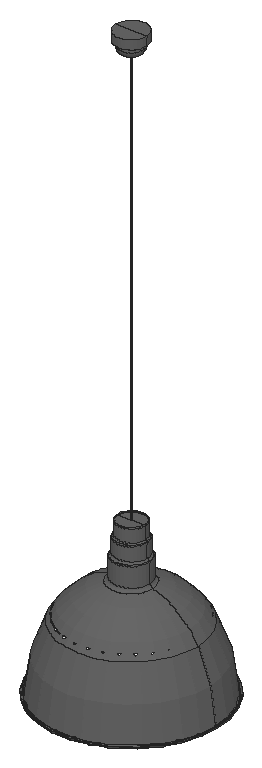
Revit family "Deep Bowl led", category Lighting Fixtures, Revit 2020 (continued)
Definition of nested family "4.D616"
  Definition of nested family "D616"
    Forms (in)
      Revolve 1, solid, material <- "D616"
        sketch origin (0, 0, -4.34509) x (1, 0, 0) y (0, 0, 1)
          loop
            arc (-1.49824, 17.33432) -> (-1.50934, 17.28282) -> (-1.54067, 17.24047) r 0.125
            arc (-1.54067, 17.24047) -> (-1.60213, 17.15773) -> (-1.62499, 17.05722) r 0.25
            line (-1.62499, 17.05722) -> (-1.65611, 15.40001)
          axis (0, 17.47005) -> (0, 4.34505)
        angle from 0 to 360
    Dimensions and locks (in)
      plane 5 to plane 2 = 1' - 1 1/8"
      plane 3 "Center (Left/Right)" to plane 4 = 0' - 8"
      aligned and locked: plane 2 to level
Definition of nested family "5.D618"
  Parameters (values of type "5.D618")
    Light Elevation [instance] = 3' - 5.47568"
    Default Elevation = 0' - 0"
    D618 [instance] = yes
    Body [instance] = none
  Reference planes (in)
    plane 1 "Center (Front/Back)": y = 0
    plane 2: z = 0
    plane 3 "Center (Left/Right)": x = 0
    plane 4: z = 41.47568
  Dimensions and locks (in)
    "Light Elevation": plane 4 to plane 2
    aligned and locked: plane 2 to level
    aligned and locked: plane 1 "Center (Front/Back)" to nested 1
    aligned and locked: plane 3 "Center (Left/Right)" to nested 1
    aligned and locked: plane 4 to nested 1
  Nested families (in)
    nested 1: "D618" at (0, 0, 25.47568), D618 <- "Body", visible <- "D618", type "D618"
  Definition of nested family "D618"
    Parameters (values of type "D618")
      Default Elevation = 0' - 0"
      D618 [instance] = none
    Reference planes (in)
      plane 1 "Center (Front/Back)": y = 0
      plane 2: z = 0
      plane 3 "Center (Left/Right)": x = 0
      plane 4: z = 16
      plane 5: x = -9
    Forms (in)
      Revolve 1, solid, material <- "D618"
        sketch origin (0, 0, -6.03601) x (1, 0, 0) y (0, 0, 1)
          loop
            arc (-2.1968, 16.54669) -> (-5.04446, 15.36023) -> (-6.96307, 12.94448) r 6.17625
            arc (-6.96307, 12.94448) -> (-8.08705, 9.68132) -> (-8.625, 6.27219) r 19.72292
            arc (-8.625, 6.27219) -> (-8.70826, 6.15913) -> (-8.84187, 6.11594) r 0.22892
            arc (-8.84187, 6.11594) -> (-8.92, 6.19407) -> (-8.84187, 6.27219) r 0.07812
            line (-8.84187, 6.27219) -> (-8.84187, 6.35219)
            arc (-8.84187, 6.35219) -> (-9, 6.19403) -> (-8.8418, 6.03594) r 0.15812
            arc (-8.8418, 6.03594) -> (-8.65366, 6.10011) -> (-8.54519, 6.26669) r 0.30456
            arc (-8.54519, 6.26669) -> (-8.00942, 9.66201) -> (-6.88998, 12.91195) r 19.64305
            arc (-6.88998, 12.91195) -> (-4.99623, 15.29641) -> (-2.18545, 16.4675) r 6.09625
            arc (-2.18545, 16.4675) -> (-1.9062, 16.61986) -> (-1.795, 16.91789) r 0.455
            line (-1.795, 16.91789) -> (-1.795, 18.85829)
            arc (-1.795, 18.85829) -> (-1.6149, 18.97534) -> (-1.545, 19.17844) r 0.33
            line (-1.545, 19.17844) -> (-1.545, 20.54819)
            arc (-1.545, 20.54819) -> (-1.40941, 20.64508) -> (-1.3575, 20.80344) r 0.2675
            line (-1.3575, 20.80344) -> (-1.3575, 21.95782) -> (-0.25, 21.95782) -> (-0.25, 22.03601) -> (-1.375, 22.03601)
            arc (-1.375, 22.03601) -> (-1.41919, 22.0177) -> (-1.4375, 21.97351) r 0.0625
            line (-1.4375, 21.97351) -> (-1.4375, 20.80344)
            arc (-1.4375, 20.80344) -> (-1.47677, 20.68862) -> (-1.57812, 20.6219) r 0.1875
            arc (-1.57812, 20.6219) -> (-1.61191, 20.59966) -> (-1.625, 20.56138) r 0.0625
            line (-1.625, 20.56138) -> (-1.625, 19.17844)
            arc (-1.625, 19.17844) -> (-1.68135, 19.02033) -> (-1.825, 18.93349) r 0.25
            arc (-1.825, 18.93349) -> (-1.86091, 18.91179) -> (-1.875, 18.87226) r 0.0625
            line (-1.875, 18.87226) -> (-1.875, 16.91789)
            arc (-1.875, 16.91789) -> (-1.96665, 16.67226) -> (-2.1968, 16.54669) r 0.375
          axis (0, 22.03601) -> (0, 6.03594)
        angle from 0 to 360
    Dimensions and locks (in)
      plane 3 "Center (Left/Right)" to plane 5 = 0' - 9"
      plane 4 to plane 2 = 1' - 4"
      aligned and locked: plane 2 to level
      aligned and locked: plane 4 to Revolve 1 sketch curve
Definition of nested family "6.OSD622"
  Parameters (values of type "6.OSD622")
    OSD622 [instance] = yes
    Light Elevation [instance] = 4' - 0"
    Default Elevation = 0' - 0"
    Bulb [instance] = none
    Body [instance] = none
  Reference planes (in)
    plane 1 "Center (Front/Back)": y = 0
    plane 2: z = 0
    plane 3 "Center (Left/Right)": x = 0
    plane 4: z = 48
  Dimensions and locks (in)
    "Light Elevation": plane 4 to plane 2
    aligned and locked: plane 2 to level
    aligned and locked: plane 1 "Center (Front/Back)" to nested 1
    aligned and locked: plane 3 "Center (Left/Right)" to nested 1
    aligned and locked: nested 1 to plane 4
  Nested families (in)
    nested 1: "OSD622" at (0, 0, 28), visible <- "OSD622", OSD622 <- "OSD622", Body <- "Body", Bulb <- "Bulb", type "OSD622"
  Definition of nested family "OSD622"
    Parameters (values of type "OSD622")
      OSD622 [instance] = yes
      Default Elevation = 0' - 0"
      Bulb [instance] = none
      Body [instance] = none
    Reference planes (in)
      plane 1 "Center (Front/Back)": y = 0
      plane 2: z = 0
      plane 3 "Center (Left/Right)": x = 0
      plane 4: z = 4
    Forms (in)
      Revolve 1, solid, material <- "Body", visible <- "OSD622"
        sketch origin (-107.73918, 0, 0) x (1, 0, 0) y (0, 0, 1)
          loop
            arc (106.02905, 20) -> (105.97409, 19.97723) -> (105.95132, 19.92227) r 0.07773
            line (105.95132, 19.92227) -> (105.95132, 18.26744)
            arc (105.95132, 18.26744) -> (105.90248, 18.12463) -> (105.77642, 18.04164) r 0.2332
            arc (105.77642, 18.04164) -> (105.7344, 18.01398) -> (105.71812, 17.96638) r 0.07773
            line (105.71812, 17.96638) -> (105.71812, 16.24638)
            arc (105.71812, 16.24638) -> (105.64804, 16.04973) -> (105.46938, 15.94173) r 0.31093
            arc (105.46938, 15.94173) -> (105.42471, 15.91473) -> (105.40719, 15.86557) r 0.07773
            line (105.40719, 15.86557) -> (105.40719, 13.43487)
            arc (105.40719, 13.43487) -> (105.2932, 13.12937) -> (105.00696, 12.97319) r 0.4664
            arc (105.00696, 12.97319) -> (101.59806, 11.0757) -> (99.07902, 8.09651) r 10.86683
            arc (99.07902, 8.09651) -> (97.61813, 4.20904) -> (96.98409, 0.10481) r 20.17645
            arc (96.98409, 0.10481) -> (96.8448, 0.14215) -> (96.86198, 0.28534) r 0.11009
            line (96.86198, 0.28534) -> (96.86198, 0.40391)
            arc (96.86198, 0.40391) -> (96.76485, 0.11242) -> (97.06097, 0.03047) r 0.21186
            arc (97.06097, 0.03047) -> (97.68219, 4.14109) -> (99.15209, 8.02986) r 19.7025
            arc (99.15209, 8.02986) -> (101.65799, 10.97716) -> (105.01831, 12.894) r 11.18034
            arc (105.01831, 12.894) -> (105.35365, 13.07697) -> (105.48719, 13.43487) r 0.5464
            line (105.48719, 13.43487) -> (105.48719, 15.86372)
            arc (105.48719, 15.86372) -> (105.71059, 15.99985) -> (105.79812, 16.24638) r 0.39093
            line (105.79812, 16.24638) -> (105.79812, 17.96463)
            arc (105.79812, 17.96463) -> (105.96626, 18.07634) -> (106.03132, 18.26744) r 0.3132
            line (106.03132, 18.26744) -> (106.03132, 19.92139) -> (107.61418, 19.92139) -> (107.61418, 20) -> (106.02905, 20)
          axis (107.73918, 0.03047) -> (107.73918, 20)
        angle from 0 to 360
      Revolve 2, solid, material <- "Bulb", visible <- "OSD622"
        sketch origin (0, 0, 0) x (1, 0, 0) y (0, 0, 1)
          loop
            line (0, 4) -> (0, 5.875) -> (-1.5, 5.875) -> (-1.5, 6.05879) -> (-1.67542, 6.05879) -> (-1.67542, 5.875) -> (-1.92542, 5.875) -> (-1.92542, 5.70578) -> (-1.56586, 5.70578)
            arc (-1.56586, 5.70578) -> (-1.1404, 4.52474) -> (0, 4) r 1.62377
          axis (0, 4) -> (0, 6.05879)
        angle from 0 to 360
      Revolve 3, solid, material <- "Bulb", visible <- "OSD622"
        sketch origin (0, 0, 0) x (1, 0, 0) y (0, 0, 1)
          loop
            line (0, 6.05879) -> (-9.44919, 6.05879) -> (-9.47898, 5.97877) -> (-7.0002, 5.97877) -> (-7.0002, 5.875) -> (-1.67542, 5.875) -> (0, 5.875) -> (0, 6.05879)
          axis (0, 5.875) -> (0, 6.05879)
        angle from 0 to 360
    Dimensions and locks (in)
      plane 4 to plane 2 = 0' - 4"
      locked: Revolve 2 sketch curve to Revolve 2 sketch curve at 0.16922
      locked: Revolve 2 sketch curve to Revolve 2 sketch curve at 0.17542
      locked: Revolve 2 sketch curve to Revolve 2 sketch curve at 1.92542
      locked: Revolve 3 sketch curve to Revolve 3 sketch curve at 0.18379
      locked: Revolve 3 sketch curve to Revolve 3 sketch curve at 0.08002
      aligned and locked: plane 2 to level
Definition of nested family "8.OSD638"
  Parameters (values of type "8.OSD638")
    OSD638 [instance] = yes
    Light Elevation [instance] = 4' - 0"
    Default Elevation = 0' - 0"
    Bulb = none
    Body [instance] = none
  Reference planes (in)
    plane 1 "Center (Front/Back)": y = 0
    plane 2: z = 0
    plane 3 "Center (Left/Right)": x = 0
    plane 4: z = 48
  Dimensions and locks (in)
    "Light Elevation": plane 4 to plane 2
    aligned and locked: plane 2 to level
    aligned and locked: plane 1 "Center (Front/Back)" to nested 1
    aligned and locked: plane 3 "Center (Left/Right)" to nested 1
    aligned and locked: nested 1 to plane 4
  Nested families (in)
    nested 1: "OSD638" at (0, 0, 16.99995), SHADE <- "Body", visible <- "OSD638", type "OSD638"
  Definition of nested family "OSD638"
    Parameters (values of type "OSD638")
      SHADE [instance] = none
      OSD638 = yes
      Default Elevation = 0' - 0"
      Bulb = none
    Reference planes (in)
      plane 1 "Center (Front/Back)": y = 0
      plane 2: z = 0
      plane 3 "Center (Left/Right)": x = 0
    Forms (in)
      Revolve 1, solid, material <- "SHADE"
        sketch origin (0, 0, 0) x (1, 0, 0) y (0, 0, 1)
          loop
            line (-0.13, 31.00005) -> (-3.42801, 31.00005)
            arc (-3.42801, 31.00005) -> (-3.47841, 30.9507) -> (-3.49691, 30.88264) r 0.1345
            line (-3.49691, 30.88264) -> (-3.49691, 28.10976)
            arc (-3.49691, 28.10976) -> (-3.61817, 27.7695) -> (-3.9273, 27.58264) r 0.53799
            arc (-3.9273, 27.58264) -> (-4.00458, 27.53592) -> (-4.03489, 27.45086) r 0.1345
            line (-4.03489, 27.45086) -> (-4.03489, 23.24518)
            arc (-4.03489, 23.24518) -> (-4.23212, 22.71659) -> (-4.72738, 22.44637) r 0.80698
            arc (-4.72738, 22.44637) -> (-10.51596, 19.54127) -> (-14.76485, 14.6531) r 16.70797
            arc (-14.76485, 14.6531) -> (-17.39988, 7.69011) -> (-18.56051, 0.33624) r 36.33735
            line (-18.56051, 0.33624) -> (-18.57009, 0.25129)
            arc (-18.57009, 0.25129) -> (-18.86251, 0.1581) -> (-18.73715, 0.43824) r 0.16812
            line (-18.73715, 0.43824) -> (-18.73715, 0.54762)
            arc (-18.73715, 0.54762) -> (-18.94407, 0.08522) -> (-18.4614, 0.23903) r 0.2775
            line (-18.4614, 0.23903) -> (-18.45147, 0.32716)
            arc (-18.45147, 0.32716) -> (-17.29496, 7.65906) -> (-14.66843, 14.60137) r 36.22798
            arc (-14.66843, 14.60137) -> (-10.45034, 19.45374) -> (-4.70471, 22.33915) r 16.5986
            arc (-4.70471, 22.33915) -> (-4.14711, 22.64768) -> (-3.92552, 23.24518) r 0.91635
            line (-3.92552, 23.24518) -> (-3.92552, 27.45086)
            arc (-3.92552, 27.45086) -> (-3.91986, 27.46675) -> (-3.90542, 27.47548) r 0.02512
            arc (-3.90542, 27.47548) -> (-3.53345, 27.70033) -> (-3.38753, 28.10976) r 0.64736
            line (-3.38753, 28.10976) -> (-3.38753, 30.89068) -> (-0.13, 30.89068) -> (-0.13, 31.00005)
          axis (0, 31.00005) -> (0, 0.23903)
        angle from 0 to 360
      Revolve 2, solid, material <- "Bulb", visible <- "OSD638"
        sketch origin (0, 0, 0) x (1, 0, 0) y (0, 0, 1)
          loop
            line (0, 17) -> (0, 18.21875) -> (-1, 18.21875) -> (-1, 18.46875) -> (-1.15709, 18.46875) -> (-1.15709, 18.21875) -> (-1.45892, 18.21875) -> (-1.45892, 18.04301) -> (-1.04301, 18.04301)
            arc (-1.04301, 18.04301) -> (-0.73752, 17.30549) -> (0, 17) r 1.04301
          axis (0, 17) -> (0, 18.46875)
        angle from 0 to 360
      Revolve 3, solid, material <- "Bulb", visible <- "OSD638"
        sketch origin (0, 0, 0) x (1, 0, 0) y (0, 0, 1)
          loop
            line (0, 18.46875) -> (-7, 18.46875) -> (-7, 18.34375) -> (-6.25, 18.34375) -> (-6.25, 18.22047) -> (0, 18.22047) -> (0, 18.46875)
          axis (0, 18.22047) -> (0, 18.46875)
        angle from 0 to 360
    Dimensions and locks (in)
      locked: Revolve 2 sketch curve to Revolve 2 sketch curve at 0.17574
      locked: Revolve 2 sketch curve to Revolve 2 sketch curve at 0.15709
      aligned and locked: plane 2 to level
Definition of nested family "OSD626"
  Parameters (values of type "OSD626")
    OSD626 [instance] = yes
    Light Elevation [instance] = 4' - 0"
    Default Elevation = 0' - 0"
    Bulb [instance] = none
    Body [instance] = none
  Reference planes (in)
    plane 1 "Center (Front/Back)": y = 0
    plane 2: z = 0
    plane 3 "Center (Left/Right)": x = 0
    plane 4: z = 48
  Dimensions and locks (in)
    "Light Elevation": plane 4 to plane 2
    aligned and locked: plane 2 to level
    aligned and locked: plane 4 to nested 1
    aligned and locked: plane 3 "Center (Left/Right)" to nested 1
  Nested families (in)
    nested 1: "OSD626 base" at (0, 75.10736, 25), visible <- "OSD626", SHADE <- "Body", type "OSD626 base"
      with SHADE none
  Definition of nested family "OSD626 base"
    Parameters (values of type "OSD626 base")
      SHADE [instance] = none
      OSD626 = yes
      Default Elevation = 0' - 0"
      Bulb = none
    Reference planes (in)
      plane 1 "Center (Front/Back)": y = 0
      plane 2: z = 0
      plane 3 "Center (Left/Right)": x = 0
      plane 4: z = 23
      plane 5: z = 7
      plane 6: x = -13
      plane 7: x = 13
    Forms (in)
      Revolve 1, solid, material <- "SHADE", visible <- "OSD626"
        sketch origin (0, 0, 0) x (1, 0, 0) y (0, 0, 1)
          loop
            arc (-12.80518, 0.37925) -> (-12.92109, 0.38261) -> (-13, 0.29764) r 0.14042
            line (-13, 0.29764) -> (-13, 0.20313)
            arc (-13, 0.20313) -> (-12.94051, 0.05949) -> (-12.79687, 0) r 0.20313
            line (-12.79687, 0) -> (-12.69653, 0)
            arc (-12.69653, 0) -> (-12.54878, 0.05896) -> (-12.48222, 0.20346) r 0.2146
            arc (-12.48222, 0.20346) -> (-11.5316, 5.89262) -> (-9.32364, 11.22133) r 25.43641
            arc (-9.32364, 11.22133) -> (-6.6976, 13.77265) -> (-3.25545, 15.02039) r 8.7162
            arc (-3.25545, 15.02039) -> (-2.82575, 15.25225) -> (-2.65436, 15.70943) r 0.69548
            line (-2.65436, 15.70943) -> (-2.65436, 18.37723)
            arc (-2.65436, 18.37723) -> (-2.39703, 18.52715) -> (-2.29553, 18.80715) r 0.43695
            line (-2.29553, 18.80715) -> (-2.29553, 20.76581)
            arc (-2.29553, 20.76581) -> (-2.09958, 20.99598) -> (-2.02917, 21.28994) r 0.64885
            line (-2.02917, 21.28994) -> (-2.02917, 22.92188) -> (0, 22.92188) -> (0, 23) -> (-2.10729, 23) -> (-2.10729, 21.28994)
            arc (-2.10729, 21.28994) -> (-2.1783, 21.01424) -> (-2.37366, 20.80715) r 0.57072
            line (-2.37366, 20.80715) -> (-2.37366, 18.80715)
            arc (-2.37366, 18.80715) -> (-2.47876, 18.55342) -> (-2.73249, 18.44832) r 0.35883
            line (-2.73249, 18.44832) -> (-2.73249, 15.70943)
            arc (-2.73249, 15.70943) -> (-2.88462, 15.3036) -> (-3.26605, 15.09779) r 0.61736
            arc (-3.26605, 15.09779) -> (-6.74042, 13.83802) -> (-9.39041, 11.26202) r 8.79432
            arc (-9.39041, 11.26202) -> (-11.60626, 5.91568) -> (-12.56024, 0.20751) r 25.51453
            arc (-12.56024, 0.20751) -> (-12.60257, 0.11562) -> (-12.69653, 0.07812) r 0.13647
            line (-12.69653, 0.07812) -> (-12.79687, 0.07812)
            arc (-12.79687, 0.07812) -> (-12.88526, 0.11474) -> (-12.92187, 0.20313) r 0.125
            line (-12.92187, 0.20313) -> (-12.92187, 0.28227)
            arc (-12.92187, 0.28227) -> (-12.85617, 0.31447) -> (-12.80518, 0.26199) r 0.06229
            line (-12.80518, 0.26199) -> (-12.80518, 0.37925)
          axis (0, 23) -> (0, 0)
        angle from 0 to 360
      Revolve 2, solid, material <- "Bulb", visible <- "OSD626"
        sketch origin (0, 0, -4) x (1, 0, 0) y (0, 0, 1)
          loop
            arc (0, 11) -> (0.64231, 11.30359) -> (0.85086, 11.98274) r 0.87971
            line (0.85086, 11.98274) -> (1.1982, 11.98274) -> (1.1982, 12.125) -> (0.92191, 12.125) -> (0.92191, 12.375) -> (0.75, 12.375) -> (0.75, 12.125) -> (0, 12.125) -> (0, 11)
          axis (0, 11) -> (0, 12.375)
        angle from 0 to 360
      Revolve 3, solid, material <- "Bulb", visible <- "OSD626"
        sketch origin (0, 0, -4) x (1, 0, 0) y (0, 0, 1)
          loop
            line (0, 12.125) -> (9.75, 12.125) -> (9.75, 12.21875) -> (10.44696, 12.21875) -> (10.34461, 12.37049) -> (0, 12.37049) -> (0, 12.125)
          axis (0, 12.125) -> (0, 12.37049)
        angle from 0 to 360
    Dimensions and locks (in)
      plane 2 to plane 4 = 1' - 11"
      plane 2 to plane 5 = 0' - 7"
      locked: Revolve 2 sketch curve to Revolve 2 sketch curve at 0.14226
      locked: Revolve 2 sketch curve to Revolve 2 sketch curve at 0.17191
      locked: Revolve 2 sketch curve to Revolve 2 sketch curve at 1.1982
      locked: Revolve 3 sketch curve to Revolve 3 sketch curve at 0.24549
      locked: Revolve 3 sketch curve to Revolve 3 sketch curve at 0.15174
      aligned and locked: plane 2 to level
Types (10): name | a | Weight | Wattage Comments | Wattage | URL | Photometric Web File | OSD638 | OSD630 | OSD626 | OSD622 | Model | built-in parameter 1150105 | Lumens | built-in parameter 1150106 | Fixture Height | Fixture Diameter | D618 | D616 | D612 | D610 | D608 | Apparent Load
  (no name) | 1' - 7" | "18.0 lbs" | "37W" | 26.9284 W | "https://www.anplighting.com/assets/Uploads/product-attachments/specification-sheets/ANP-Specification-Sheet-RLM-LED-OSD630.pdf" | "D618M016LDNW30K.IES" | no | yes | no | no | "OSD630" | 318.31 (stored number, unit not read) | 4000 lm | 3.1831 (stored number, unit not read) | 2' - 3" | 2' - 6" | no | no | no | no | no | 37 VA
  D608 | 0' - 8" | "1.0lbs" | "9W" | 5.72229 W | "https://www.anplighting.com/assets/Uploads/product-attachments/specification-sheets/ANP_Specification_Sheet_RLM_LED_D608.pdf" | "D608M009LDNW40K (1).IES" | no | no | no | no | "D608" | 67.641 (stored number, unit not read) | 850 lm | 0.67641 (stored number, unit not read) | 0' - 7 1/2" | 0' - 8" | no | no | no | no | yes | 9 VA
  D610 | 0' - 9" | "1.0lbs" | "10W" | 8.41513 W | "https://www.anplighting.com/assets/Uploads/product-attachments/specification-sheets/ANP-Specification-Sheet-RLM-LED-D610.pdf" | "D610M010LDDW40K.IES" | no | no | no | no | "D610" | 99.472 (stored number, unit not read) | 1250 lm | 0.99472 (stored number, unit not read) | 1' - 0" | 0' - 10" | no | no | no | yes | no | 10 VA
  D612 | 0' - 10" | "1.0lbs" | "16W" | 13.4642 W | "https://www.anplighting.com/assets/Uploads/product-attachments/specification-sheets/ANP-Specification-Sheet-RLM-LED-D612.pdf" | "D612-100GLCL-32WPL.IES" | no | no | no | no | "D612" | 159.15 (stored number, unit not read) | 2000 lm | 1.5915 (stored number, unit not read) | 0' - 11" | 1' - 0" | no | no | yes | no | no | 16 VA
  D616 | 0' - 10" | "1.5lbs" | "16W" | 13.4642 W | "https://www.anplighting.com/assets/Uploads/product-attachments/specification-sheets/ANP-Specification-Sheet-RLM-LED-D616.pdf" | "D616M016LDNW40K (1).IES" | no | no | no | no | "D616" | 159.15 (stored number, unit not read) | 2000 lm | 1.5915 (stored number, unit not read) | 1' - 1 1/8" | 1' - 4" | no | yes | no | no | no | 16 VA
  D618 | 1' - 0" | "2.5 lbs" | "10W" | 8.41513 W | "https://www.anplighting.com/assets/Uploads/product-attachments/specification-sheets/ANP-Specification-Sheet-RLM-LED-D618.pdf" | "D618M010LDNW30K.IES" | no | no | no | no | "D618" | 99.472 (stored number, unit not read) | 1250 lm | 0.99472 (stored number, unit not read) | 1' - 4" | 1' - 6" | yes | no | no | no | no | 10 VA
  OSD622 | 1' - 7" | "12.5lbs" | "37W" | 26.9284 W | "https://www.anplighting.com/assets/Uploads/product-attachments/specification-sheets/ANP-Specification-Sheet-RLM-LED-OSD622.pdf" | "D618M016LDNW30K.IES" | no | no | no | yes | "OSD622" | 318.31 (stored number, unit not read) | 4000 lm | 3.1831 (stored number, unit not read) | 1' - 8" | 1' - 10" | no | no | no | no | no | 37 VA
  OSD630 | 1' - 7" | "18.0 lbs" | "37W" | 26.9284 W | "https://www.anplighting.com/assets/Uploads/product-attachments/specification-sheets/ANP-Specification-Sheet-RLM-LED-OSD630.pdf" | "D618M016LDNW30K.IES" | no | yes | no | no | "OSD630" | 318.31 (stored number, unit not read) | 4000 lm | 3.1831 (stored number, unit not read) | 2' - 3" | 2' - 6" | no | no | no | no | no | 37 VA
  OSD638 | 1' - 6" | "25.0 lbs" | "37W" | 26.9284 W | "https://www.anplighting.com/assets/Uploads/product-attachments/specification-sheets/ANP-Specification-Sheet-RLM-LED-OSD638.pdf" | "D618M016LDNW30K.IES" | yes | no | no | no | "OSD638" | 318.31 (stored number, unit not read) | 4000 lm | 3.1831 (stored number, unit not read) | 2' - 7" | 3' - 2" | no | no | no | no | no | 37 VA
  OSD626 | 1' - 7" | "15 lbS" | "37W" | 26.9284 W | "https://www.anplighting.com/assets/Uploads/product-attachments/specification-sheets/ANP-Specification-Sheet-RLM-LED-OSD626.pdf" | "D618M016LDNW30K.IES" | no | no | yes | no | "OSD626" | 318.31 (stored number, unit not read) | 4000 lm | 3.1831 (stored number, unit not read) | 1' - 11" | 2' - 2" | no | no | no | no | no | 37 VA
